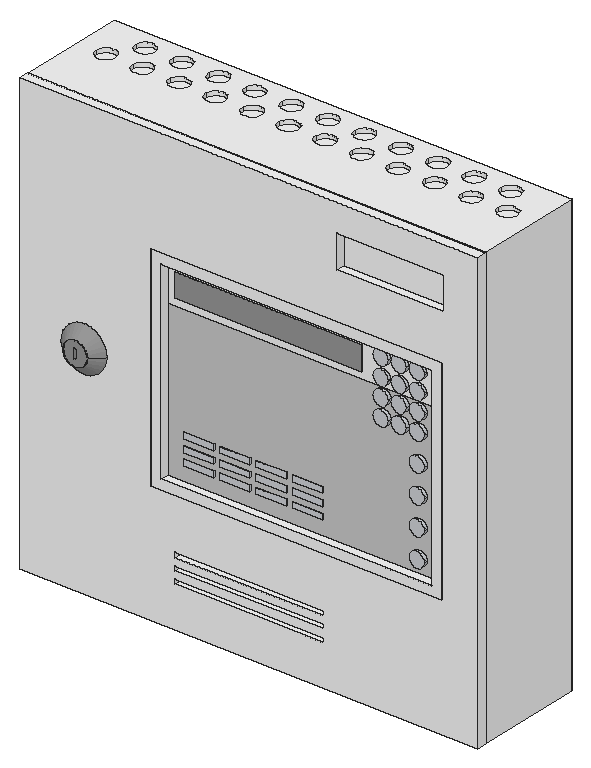
Revit family "DC ID60_Fire Alarm Panel", category Fire Alarm Devices, Revit 2014
Parameters (values of type "Notifier by Honeywell ID60 Single Loop Intelligent Fire Alarm Panel 002-456")
  Zone number = ""
  URL = "www.notifierfiresystems.co.uk"
  Type Comments = "Single Loop Intelligent Fire Alarm Panel"
  Tel No. = "+44 (0) 1273 897000"
  Product Code = "002-456"
  Model = "ID60"
  Manufacturer = "Notifier by Honeywell"
  Loop number = ""
  Fax No. = "+44 (0) 1273 376894"
  Email = "sales@notifierfiresystems.co.uk"
  Detector number = ""
  Description = "Fire Alarm Panel"
  Control Panel name = ""
  Assembly Code = "D4090900"
  Address line 1 = "Caburn House, Brooks Road, Lewes, E. Sussex  BN7 2BY, UK"
Reference planes
  plane 1 "Center (Front/Back)": y = 0
  plane 2: z = 0
  plane 3 "Center (Left/Right)": x = 0
  plane 4: through (51.705, -92.212, 1200) normal (-0.1045, 0.9945, 0)
Forms (mm)
  Extrusion 1, solid, material "Render Material 255-255-255"
    sketch origin (0, 0, 0) x (1, 0, 0) y (0, 1, 0)
      loop
        line (-190, 36.6) -> (-190, -51.574)
        arc (-190, -51.574) -> (-189.729, -52.229) -> (-189.074, -52.5) r 0.926
        line (-189.074, -52.5) -> (189.074, -52.5)
        arc (189.074, -52.5) -> (189.729, -52.229) -> (190, -51.574) r 0.926
        line (190, -51.574) -> (190, 36.6)
        arc (190, 36.6) -> (189.736, 37.236) -> (189.1, 37.5) r 0.9
        line (189.1, 37.5) -> (-189.1, 37.5)
        arc (-189.1, 37.5) -> (-189.736, 37.236) -> (-190, 36.6) r 0.9
    from 0 to 365
  Extrusion 2, void
    sketch origin (5, 23.75, 400) x (0, -1, 0) y (1, 0, 0)
      loop
        circle (2.842, -155.828) r 8.135
      loop
        circle (24.844, -170.989) r 8.135
      loop
        circle (24.844, -140.668) r 8.135
      loop
        circle (24.844, -110.347) r 8.135
      loop
        circle (2.842, -125.507) r 8.135
      loop
        circle (24.844, -80.025) r 8.135
      loop
        circle (2.842, -95.186) r 8.135
      loop
        circle (24.844, -49.704) r 8.135
      loop
        circle (2.842, -64.865) r 8.135
      loop
        circle (24.844, -19.383) r 8.135
      loop
        circle (2.842, -34.544) r 8.135
      loop
        circle (24.844, 10.938) r 8.135
      loop
        circle (2.842, -4.223) r 8.135
      loop
        circle (24.844, 41.259) r 8.135
      loop
        circle (2.842, 26.098) r 8.135
      loop
        circle (24.844, 71.58) r 8.135
      loop
        circle (2.842, 56.419) r 8.135
      loop
        circle (24.844, 101.901) r 8.135
      loop
        circle (2.842, 86.74) r 8.135
      loop
        circle (24.844, 132.222) r 8.135
      loop
        circle (2.842, 117.062) r 8.135
      loop
        circle (24.844, 162.543) r 8.135
      loop
        circle (2.842, 147.383) r 8.135
    from -38.102 to -11.956
  Extrusion 3, void
    sketch origin (116.196, 37.5, 22.5) x (-1, 0, 0) y (0, 0, 1)
      loop
        line (197.427, 253.392) -> (-43.804, 253.392) -> (-43.804, 77.137) -> (197.427, 77.137) -> (197.427, 253.392)
      loop
        line (43.446, 319.853) -> (-45.288, 319.853) -> (-45.288, 291.797) -> (43.446, 291.797) -> (43.446, 319.853)
    from -90 to -97.962
  Extrusion 4, solid, material "Platinum"
    sketch origin (-84.029, 37.5, 15.659) x (-1, 0, 0) y (0, 0, 1)
      loop
        circle (52.943, 166.743) r 10
      loop
        line (54.525, 170.947) -> (51.631, 170.947) -> (51.631, 162.587) -> (54.525, 162.587) -> (54.525, 170.947)
    from -90 to -106.858
  Sweep 5, solid, material "Platinum"
    path in 3D
      loop
        arc (-126.972, -69.358, 182.402) -> (-136.972, -69.358, 172.402) -> (-146.972, -69.358, 182.402) r 10
        arc (-146.972, -69.358, 182.402) -> (-136.972, -69.358, 192.402) -> (-126.972, -69.358, 182.402) r 10
    profile origin (-136.972, -69.358, 192.402) x (0, 0, 1) y (0, -1, 0)
      loop
        line (0, 0) -> (0, -8.896) -> (8.896, -8.896) -> (0, 0)
  Extrusion 6, solid
    sketch origin (123.696, 37.5, 0) x (-1, 0, 0) y (0, 0, 1)
      loop
        circle (-11.811, 258.92) r 6.291
      loop
        circle (-11.811, 243.821) r 6.291
      loop
        circle (-11.811, 228.722) r 6.291
      loop
        circle (-11.811, 213.624) r 6.291
      loop
        circle (-11.811, 189.939) r 6.291
      loop
        circle (-11.811, 166.255) r 6.291
      loop
        circle (-11.811, 142.571) r 6.291
      loop
        circle (-11.811, 118.887) r 6.291
      loop
        circle (3.189, 258.92) r 6.291
      loop
        circle (3.189, 243.821) r 6.291
      loop
        circle (3.189, 228.722) r 6.291
      loop
        circle (3.189, 213.624) r 6.291
      loop
        circle (18.189, 258.92) r 6.291
      loop
        circle (18.189, 243.821) r 6.291
      loop
        circle (18.189, 228.722) r 6.291
      loop
        circle (18.189, 213.624) r 6.291
    from -90 to -93
  Extrusion 7, solid, material "Render Material 255-255-255"
    sketch origin (123.696, 37.5, 0) x (-1, 0, 0) y (0, 0, 1)
      loop
        line (313.696, 365) -> (-66.304, 365) -> (-66.304, 0) -> (313.696, 0) -> (313.696, 365)
      loop
        line (204.927, 99.637) -> (204.927, 275.892) -> (-36.304, 275.892) -> (-36.304, 99.637) -> (204.927, 99.637)
      loop
        line (184.946, 47.5) -> (61.821, 47.5) -> (61.821, 43.75) -> (184.946, 43.75) -> (184.946, 47.5)
      loop
        line (184.946, 37.5) -> (61.821, 37.5) -> (61.821, 33.75) -> (184.946, 33.75) -> (184.946, 37.5)
      loop
        line (184.946, 53.75) -> (184.946, 57.5) -> (61.821, 57.5) -> (61.821, 53.75) -> (184.946, 53.75)
    from -90 to -97.962
  Extrusion 8, solid, material "Polypropylene"
    sketch origin (123.696, 37.5, 0) x (-1, 0, 0) y (0, 0, 1)
      loop
        line (35.814, 261.343) -> (35.814, 241.343) -> (190.814, 241.343) -> (190.814, 261.343) -> (35.814, 261.343)
    from -90 to -91.173
  Extrusion 9, solid, material "Render Material 255-255-255"
    sketch origin (123.696, 37.5, 0) x (-1, 0, 0) y (0, 0, 1)
      loop
        line (204.927, 99.637) -> (204.927, 275.892) -> (-36.304, 275.892) -> (-36.304, 99.637) -> (204.927, 99.637)
      loop
        line (196.927, 107.637) -> (196.927, 267.892) -> (-28.304, 267.892) -> (-28.304, 107.637) -> (196.927, 107.637)
    from -90 to -97.962
  Extrusion 10, solid, material "Light Gray"
    sketch origin (123.696, 37.5, 0) x (-1, 0, 0) y (0, 0, 1)
      loop
        line (196.927, 267.892) -> (-28.304, 267.892) -> (-28.304, 107.637) -> (196.927, 107.637) -> (196.927, 267.892)
    from -10 to -90.5
  Extrusion 11, solid, material "Render Material 255-255-255"
    sketch origin (123.696, 37.5, 30) x (-1, 0, 0) y (0, 0, 1)
      loop
        line (-28.304, 236.047) -> (-28.304, 206.047) -> (196.927, 206.047) -> (196.927, 236.047) -> (-28.304, 236.047)
    from -80 to -91
  Extrusion 12, solid
    sketch origin (123.696, 37.5, 0) x (-1, 0, 0) y (0, 0, 1)
      loop
        line (183.135, 124.404) -> (158.135, 124.404) -> (158.135, 119.404) -> (183.135, 119.404) -> (183.135, 124.404)
      loop
        line (153.135, 124.404) -> (128.135, 124.404) -> (128.135, 119.404) -> (153.135, 119.404) -> (153.135, 124.404)
      loop
        line (123.135, 124.404) -> (98.135, 124.404) -> (98.135, 119.404) -> (123.135, 119.404) -> (123.135, 124.404)
      loop
        line (93.135, 124.404) -> (68.135, 124.404) -> (68.135, 119.404) -> (93.135, 119.404) -> (93.135, 124.404)
      loop
        line (183.135, 134.404) -> (158.135, 134.404) -> (158.135, 129.404) -> (183.135, 129.404) -> (183.135, 134.404)
      loop
        line (153.135, 134.404) -> (128.135, 134.404) -> (128.135, 129.404) -> (153.135, 129.404) -> (153.135, 134.404)
      loop
        line (123.135, 134.404) -> (98.135, 134.404) -> (98.135, 129.404) -> (123.135, 129.404) -> (123.135, 134.404)
      loop
        line (93.135, 134.404) -> (68.135, 134.404) -> (68.135, 129.404) -> (93.135, 129.404) -> (93.135, 134.404)
      loop
        line (183.135, 144.404) -> (158.135, 144.404) -> (158.135, 139.404) -> (183.135, 139.404) -> (183.135, 144.404)
      loop
        line (153.135, 144.404) -> (128.135, 144.404) -> (128.135, 139.404) -> (153.135, 139.404) -> (153.135, 144.404)
      loop
        line (123.135, 144.404) -> (98.135, 144.404) -> (98.135, 139.404) -> (123.135, 139.404) -> (123.135, 144.404)
      loop
        line (93.135, 144.404) -> (68.135, 144.404) -> (68.135, 139.404) -> (93.135, 139.404) -> (93.135, 144.404)
    from 0 to -91
Cuts and joins
  Extrusion 2 cuts Extrusion 1
  Extrusion 3 cuts Extrusion 7
Lines and regions (mm)
  sketch lines
    curve 1: arc (-146.972, -69.358, 182.402) -> (-136.972, -69.358, 192.402) -> (-126.972, -69.358, 182.402) r 10
    curve 2: arc (-126.972, -69.358, 182.402) -> (-136.972, -69.358, 172.402) -> (-146.972, -69.358, 182.402) r 10
Dimensions and locks
  aligned and locked: level to plane 2
